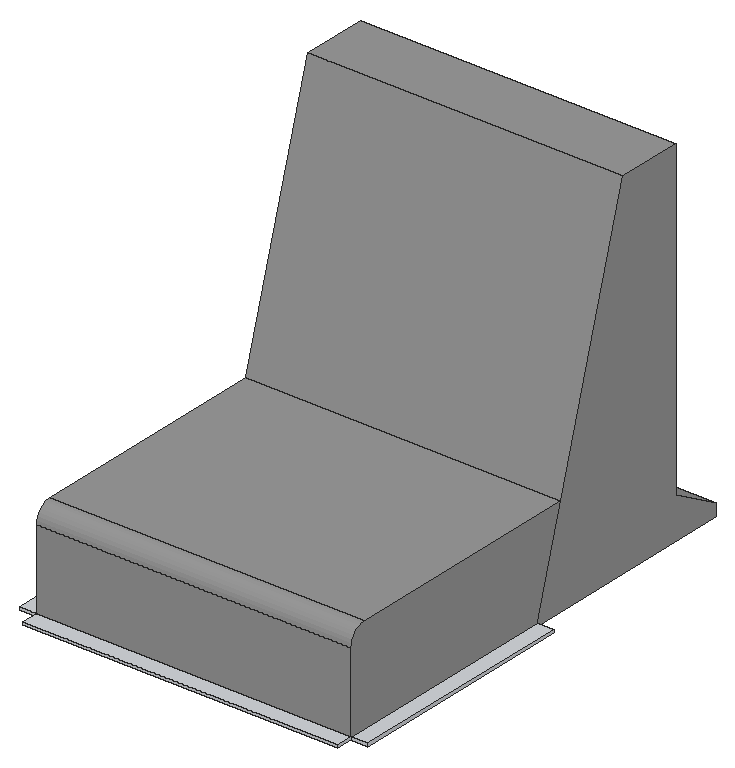
Revit family "Lavatory_Deck-Willoughby-CWLD-1", category Plumbing Fixtures, Revit 2015
Parameters (values of type "Standard")
  water line = Copper
  Waste Connection = no
  Vent Connection = no
  URL = "https://www.willoughby-ind.com/wp-content/uploads/2018/01/CWLD.pdf"
  Revision = "A"
  Model = "CWLD-1"
  Manufacturer = "Willoughby Industries"
  LAV HW DIA = 1/2"
  LAV CW DIA = 1/2"
  HW Connection = yes
  Fixture Body = Stainless Steel AISI 304-Willoughby
  Description = "1 Station Lavatory Deck"
  Default Elevation = 0' - 0"
  Contact = "(800) 428-4065"
  CW Connection = yes
Reference planes (in)
  plane 1 "Center (Front/Back)Floor Lewvel": y = 0
  plane 2: z = 0
  plane 3 "Center (Left/Right)": x = 0
  plane 4 "Deck HGT": y = 34
  plane 5 "Top Of unit": y = 37
  plane 6: y = 30
  plane 7 "Base Off Floor": y = 9.5
  plane 8: y = 23.5
  plane 9: z = 0.75
  plane 10: z = 2.5
  plane 11 "Front Of Deck": z = 21.5
  plane 12: z = 6
  plane 13: z = 12.125
  plane 14 "Water Connections": y = 12
  plane 15: x = -2
  plane 16: x = 2
  plane 17: x = -9.5
  plane 18: x = 9.5
Forms (in)
  Extrusion 1, solid, material "Stainless Steel AISI 304-Willoughby" <- "Fixture Body"
    sketch origin (0, 0, 0) x (0, 1, 0) y (0, 0, 1)
      loop
        line (37, 0) -> (37, 0.75) -> (34, 2.5) -> (34, 21.5) -> (30, 21.5) -> (23.5, 0) -> (37, 0)
    from -9.5 to 9.5
  Extrusion 2, solid, material "Stainless Steel AISI 304-Willoughby" <- "Fixture Body"
    sketch origin (0, 0, 0) x (0, 1, 0) y (0, 0, 1)
      loop
        line (23.5, 0) -> (25.31395, 6) -> (10.5, 6)
        arc (10.5, 6) -> (9.79289, 5.70711) -> (9.5, 5) r 1
        line (9.5, 5) -> (9.5, 0) -> (23.5, 0)
    from -9.5 to 9.5
  Revolve 3, void
    sketch origin (0, 0, 0) x (0, 1, 0) y (0, 0, 1)
      loop
        line (34.13753, 12.125) -> (29, 12.125) -> (29, 10.875)
        arc (29, 10.875) -> (30.43353, 6.66829) -> (34.13753, 4.21232) r 6.88906
        line (34.13753, 4.21232) -> (34.13753, 12.125)
      axis (34.13753, 12.125) -> (29, 12.125)
    angle from 0 to 360
  Revolve 4, solid, material "Copper" <- "water line"
    sketch origin (-2, 12, 0) x (-1, 0, 0) y (0, 0, 1)
      loop
        line (-4, 0) -> (-3.75, 0) -> (-3.75, 2.5) -> (-4, 2.5) -> (-4, 0)
      axis (-4, 2.5) -> (-4, 0)
    angle from 0 to 360
  Revolve 5, solid, material "Copper" <- "water line"
    sketch origin (-6, 12, 0) x (-1, 0, 0) y (0, 0, 1)
      loop
        line (-4, 0) -> (-3.75, 0) -> (-3.75, 2.5) -> (-4, 2.5) -> (-4, 0)
      axis (-4, 2.5) -> (-4, 0)
    angle from 0 to 360
  Extrusion 6, solid
    sketch origin (0, 0, 0) x (1, 0, 0) y (0, 1, 0)
      loop
        line (-9.5, 9.5) -> (-9.5, 8.5) -> (9.5, 8.5) -> (9.5, 9.5) -> (-9.5, 9.5)
    from 0 to 0.1875
  Extrusion 7, solid
    sketch origin (0, 0, 0) x (1, 0, 0) y (0, 1, 0)
      loop
        line (-9.5, 23.5) -> (-10.5, 23.5) -> (-10.5, 9.5) -> (-9.5, 9.5) -> (-9.5, 23.5)
    from 0 to 0.1875
  Extrusion 8, solid
    sketch origin (0, 0, 0) x (1, 0, 0) y (0, 1, 0)
      loop
        line (9.5, 23.5) -> (9.5, 9.5) -> (10.5, 9.5) -> (10.5, 23.5) -> (9.5, 23.5)
    from 0 to 0.1875
  Extrusion 9, solid
    sketch origin (0, 0, 0) x (1, 0, 0) y (0, 1, 0)
      loop
        circle (-5, 23) r 0.75
    from 0 to -0.0625
Cuts and joins
  Revolve 3 cuts Extrusion 1
  Revolve 3 cuts Extrusion 2
Lines and regions (in)
  symbolic lines
    curve 1: line (-9.5, 9.5, 0) -> (9.5, 9.5, 0)
    curve 2: line (9.5, 9.5, 0) -> (9.5, 37, 0)
    curve 3: line (9.5, 37, 0) -> (-9.5, 37, 0)
    curve 4: line (-9.5, 37, 0) -> (-9.5, 9.5, 0)
    curve 7: line (-9.5, 30, 0) -> (9.5, 30, 0)
    curve 8: line (9.5, 34, 0) -> (-9.5, 34, 0)
    curve 18: line (9.5, 12, 0) -> (9.5, 12, 21.5)
    curve 19: line (9.5, 12, 21.5) -> (-9.5, 12, 21.5)
    curve 20: line (-9.5, 12, 21.5) -> (-9.5, 12, 0)
    curve 21: line (-9.5, 12, 0) -> (9.5, 12, 0)
    curve 32: line (0, 9.5, 0) -> (0, 37, 0)
    curve 33: line (0, 37, 0) -> (0, 37, 0.75)
    curve 34: line (0, 37, 0.75) -> (0, 34, 2.5)
    curve 35: line (0, 34, 2.5) -> (0, 34, 21.5)
    curve 36: line (0, 34, 21.5) -> (0, 30, 21.5)
    curve 37: line (0, 30, 21.5) -> (0, 25.31395, 6)
    curve 38: line (0, 25.31395, 6) -> (0, 10.5, 6)
    curve 39: line (0, 9.5, 5) -> (0, 9.5, 0)
    curve 40: arc (0, 10.5, 6) -> (0, 9.79289, 5.70711) -> (0, 9.5, 5) r 1
  symbolic lines, detail levels medium+fine
    curve 5: line (-9.5, 23.5, 0) -> (9.5, 23.5, 0)
    curve 6: line (9.5, 25.31395, 0) -> (-9.5, 25.31395, 0)
    curve 28: line (-9.5, 12, 0.75) -> (9.5, 12, 0.75)
    curve 29: line (9.5, 12, 2.5) -> (-9.5, 12, 2.5)
    curve 31: line (9.5, 12, 0.1875) -> (-9.5, 12, 0.1875)
  symbolic lines, detail levels fine
    curve 9: line (-9.5, 23.5, 0) -> (-10.5, 23.5, 0)
    curve 10: line (-10.5, 23.5, 0) -> (-10.5, 9.5, 0)
    curve 11: line (-10.5, 9.5, 0) -> (-9.5, 9.5, 0)
    curve 12: line (-9.5, 8.5, 0) -> (9.5, 8.5, 0)
    curve 13: line (9.5, 8.5, 0) -> (9.5, 9.5, 0)
    curve 14: line (10.5, 9.5, 0) -> (10.5, 23.5, 0)
    curve 15: line (10.5, 23.5, 0) -> (9.5, 23.5, 0)
    curve 16: line (-9.5, 9.5, 0) -> (-9.5, 8.5, 0)
    curve 17: line (10.5, 9.5, 0) -> (9.5, 9.5, 0)
    curve 22: line (9.5, 12, 0) -> (10.5, 12, 0)
    curve 23: line (10.5, 12, 0) -> (10.5, 12, 0.1875)
    curve 24: line (10.5, 12, 0.1875) -> (9.5, 12, 0.1875)
    curve 25: line (-9.5, 12, 0.1875) -> (-10.5, 12, 0.1875)
    curve 26: line (-10.5, 12, 0.1875) -> (-10.5, 12, 0)
    curve 27: line (-10.5, 12, 0) -> (-9.5, 12, 0)
    curve 30: circle (0, 12, 12.125) r 7.875 normal (0, 1, 0)
Dimensions and locks (in)
  plane 1 "Center (Front/Back)Floor Lewvel" to plane 7 "Base Off Floor" = 0' - 9 1/2"
  plane 8 to plane 7 "Base Off Floor" = 1' - 2"
  plane 5 "Top Of unit" to plane 4 "Deck HGT" = 0' - 3"
  plane 4 "Deck HGT" to plane 6 = 0' - 4"
  plane 11 "Front Of Deck" to level = 1' - 9 1/2"
  plane 12 to level = 0' - 6"
  locked: plane 17 to plane 18 at 19  (x2)
  locked: plane 5 "Top Of unit" to plane 7 "Base Off Floor" at 27.5
  plane 1 "Center (Front/Back)Floor Lewvel" to plane 5 "Top Of unit" = 3' - 1"
  locked: plane 14 "Water Connections" to plane 7 "Base Off Floor" at 2.5
  plane 15 to plane 3 "Center (Left/Right)" = 0' - 2"
  plane 3 "Center (Left/Right)" to plane 16 = 0' - 2"
  plane 1 "Center (Front/Back)Floor Lewvel" to plane 4 "Deck HGT" = 2' - 10"
  aligned and locked: plane 4 "Deck HGT" to Extrusion 1
  aligned and locked: plane 11 "Front Of Deck" to Extrusion 1
  aligned and locked: Extrusion 1 to level
  aligned and locked: plane 5 "Top Of unit" to Extrusion 1
  aligned and locked: Extrusion 1 to Extrusion 2 sketch curve
  aligned and locked: Extrusion 2 to plane 7 "Base Off Floor"
  aligned and locked: plane 12 to Extrusion 2
  aligned and locked: Extrusion 2 to level
  aligned and locked: Extrusion 2 to Extrusion 1
  aligned and locked: Revolve 4 sketch curve to Revolve 4 sketch curve  (x2)
  aligned and locked: Revolve 5 sketch curve to Revolve 5 sketch curve  (x2)
  aligned and locked: plane 17 to Extrusion 1
  aligned and locked: Extrusion 1 to plane 18
  aligned and locked: cut or joined group of Extrusion 1, Revolve 3 to Extrusion 2
  aligned and locked: Extrusion 2 to cut or joined group of Extrusion 1, Revolve 3
  aligned and locked: Extrusion 7 to cut or joined group of Extrusion 1, Revolve 3
  aligned and locked: curve 27 to Extrusion 7
Connectors (in)
  piping at (-2, 12, 0), diameter 0.5, driven by "HW Connection", driven by "LAV HW DIA"
    settings: on Revolve 5, index 1, connector inside diameter 24", connector length 0' - 0", flow factor 0, pipe flow 0 GPM, pressure drop 0.00 psi, fitting loss kfactor 0, connector angle 0.00°, fixture units 0, engagement length 0' - 0", angle of deflection 0.00°, flow configuration 0, flow direction 1, fitting loss method 0, system type 19, joint type 0, gender type 0, connector reference index -1, connector utility 1, adjustable connector no, is connector primary yes, connector description "HW Inlet"
  piping at (2, 12, 0), diameter 0.5, driven by "CW Connection", driven by "LAV CW DIA"
    settings: on Revolve 4, index 2, connector inside diameter 24", connector length 0' - 0", flow factor 0, pipe flow 0 GPM, pressure drop 0.00 psi, fitting loss kfactor 0, connector angle 0.00°, fixture units 0, engagement length 0' - 0", angle of deflection 0.00°, flow configuration 0, flow direction 1, fitting loss method 0, system type 20, joint type 0, gender type 0, connector reference index -1, connector utility 1, adjustable connector no, is connector primary no, connector description "CW Inlet"
